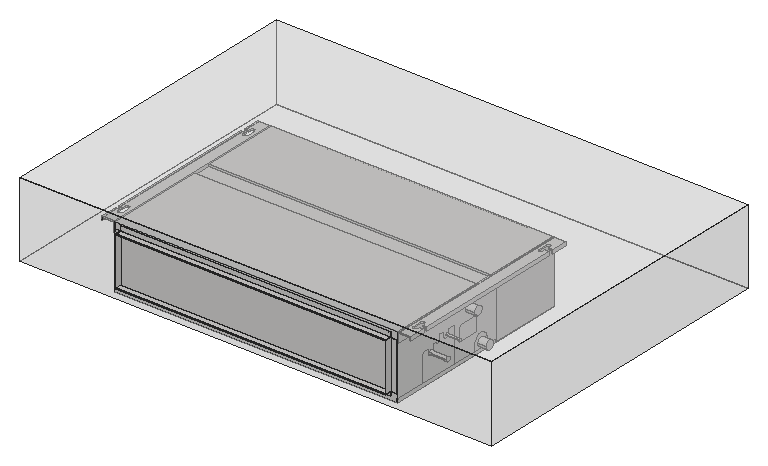
Revit family "outputfile", category 機械設備, Revit 2024
Family settings
  丸型コネクタ寸法 = 半径を使用
  パーツ タイプ = 標準
  OmniClass 番号 = 23.75.10.24.21.27.27
  OmniClass タイトル = Split System Air Conditioning Units
  作業面ベース = いいえ
  常に垂直 = はい
  ロード時にボイドで切り取り = いいえ
  注釈の向きを維持 = いいえ
  共有 = いいえ
  部屋計算ポイント = はい
Parameters (values of type "FXDQ40NDVM")
  書き出し IFC クラス(タイプ) = "IfcUnitaryEquipmentType"
  定義済み IFC タイプ(タイプ) = "AIRCONDITIONINGUNIT"
  ld_powersupply = Depth / 2  # 310.0 mm
  製造元 = "Daikin"
  モデル = "FXDQ40NDVM"
  r_Liquid Pipe Size = Liquid Pipe Size / 2  # 3.2 mm
  r_Gas Pipe Size = Gas Pipe Size / 2  # 6.35 mm
  r_Drain Pipe Size = Drain Pipe Size / 2  # 13.0 mm
  lw_powersupply = 50.0 mm  # constant formula
  lw_ductflange2 = 820.0 mm
  lw_Width = 860.0 mm
  lh_suctionflange [instance] = 100.0 mm  # constant formula
  ld_suctionflange [instance] = if(Rear Connection_Return Air, 190.0 mm, 100.0 mm)  # 190.0 mm
  angle_vertical_RA [instance] = if(Rear Connection_Return Air, 90.00°, 0.00°)  # 90.00°
  angle horizontal_RA [instance] = if(Rear Connection_Return Air, 180.00°, 270.00°)  # 180.00°
  Voltage_comment_60Hz = "220-240"
  Voltage_comment_50Hz = "220-240"
  Voltage_60Hz = 220 V
  Voltage_50Hz = 220 V
  Supply Air Direction [instance] = yes
  Rear Connection_Return Air [instance] = not(Bottom Connection_Return Air)  # yes
  RA_length [instance] = if(Rear Connection_Return Air, 190.0 mm, 100.0 mm)  # 190.0 mm
  Phase_60Hz = 1
  Phase_50Hz = 1
  Minimum External Static Pressure = 15.00 Pa
  Minimum Circuit Amps_60Hz = 1.0 A
  Minimum Circuit Amps_50Hz = 1.0 A
  Maximum Fuse Amps_60Hz = 16.0 A
  Maximum Fuse Amps_50Hz = 16.0 A
  Maximum External Static Pressure = 44.00 Pa
  Material_Casing = DAIKIN_GalvanizedSteel_Casing_indoorunit
  lw_liquidpipe = 46.0 mm  # constant formula
  lw_gaspipe = 57.0 mm  # constant formula
  lw_mountinghole = 940.0 mm
  lw_drainpipe = 33.0 mm  # constant formula
  lh_powersupply = 150.0 mm  # constant formula
  lh_liquidpipe = 90.0 mm  # constant formula
  lh_gaspipe = 113.0 mm  # constant formula
  lh_mountinghole = Height  # 200.0 mm
  lh_drainpipe = 50.0 mm  # constant formula
  lh_antena = 1.0 mm  # constant formula
  ld_liquidpipe = 193.0 mm  # constant formula
  ld_gaspipe = 130.0 mm  # constant formula
  ld_mountinghole = 500.0 mm  # constant formula
  ld_drainpipe = 280.0 mm  # constant formula
  ld_controlbox = 626.0 mm  # constant formula
  h*** = 0.0 mm  # constant formula
  d_dischargeflange = 21.2 mm  # constant formula
  Width = 900.0 mm
  Version = "ver.1.0"
  Unit Type = "Duct_Slim"
  Unit Mass Weight = 27.00 kg
  Unit Designation [instance] = ""
  Uniclass2015Version = "Products v1.30"
  Uniclass2015Title = "Variable refrigerant flow units"
  Uniclass2015Code = "Pr_70_65_03_94"
  Total Heating Capacity [instance] = 0.000 kW
  Total Cooling Capacity [instance] = 0.000 kW
  Sound Pressure Level_L speed (dBA) = 30
  Sound Pressure Level_H speed (dBA) = 32
  Series = "VRV Fan Coil Unit"
  Sensible Cooling Capacity [instance] = 0.000 kW
  SA Duct Size Width = 860.0 mm
  SA Duct Size Height = 153.0 mm
  Refrigerant Type = "R410A"
  RA Duct Size Width = 780.0 mm
  RA Duct Size Height = 160.0 mm
  Power Input (Heating) = 0.147 kW
  Power Input (Cooling) = 0.160 kW
  Option Accessory 3 [instance] = ""
  Option Accessory 2 [instance] = ""
  Option Accessory 1 [instance] = ""
  Nominal Heating Capacity = 5.000 kW
  Nominal Cooling Capacity = 4.500 kW
  Minimum Airflow = 510.00 m³/h
  Median Airflow = 0.00 m³/h
  Maximum Airflow = 570.00 m³/h
  Load Classification = HVAC
  Liquid Pipe Size = 6.4 mm
  Link_Nested Family [instance] = ""
  IfcVersion = ""
  IfcExportType = "AIRCONDITIONINGUNIT"
  IfcExportAs = "IfcUnitaryEquipmentType"
  Height = 200.0 mm
  Heating Entering Wet Bulb Temperature [instance] = 0.00 °C
  Heating Entering Dry Bulb Temperature [instance] = 0.00 °C
  Heating Ambient Wet Bulb Temperature [instance] = 0.00 °C
  Heating Ambient Dry Bulb Temperature [instance] = 0.00 °C
  Heat Exchanger Type = "Cross Fin Coil"
  Gas Pipe Size = 12.7 mm
  Frequency_60Hz = 60 Hz
  Frequency_50Hz = 50 Hz
  Fan Type = "Sirocco Fan"
  Fan Drive = "Direct Drive"
  FCU Tag No. [instance] = ""
  Drain Pipe Size = 26.0 mm
  Design Supply Airflow [instance] = 0.00 m³/h
  Design Return Airflow [instance] = 0.00 m³/h
  Design External Static Pressure [instance] = 0.00 Pa
  Depth = 620.0 mm
  既定の高さ = 0.0 mm
  Cooling Entering Wet Bulb Temperature [instance] = 0.00 °C
  Cooling Entering Dry Bulb Temperature [instance] = 0.00 °C
  Cooling Ambient Wet Bulb Temperature [instance] = 0.00 °C
  Cooling Ambient Dry Bulb Temperature [instance] = 0.00 °C
  Clearance visibility [instance] = yes
  Clearance Top = 20.0 mm
  Clearance Right = 300.0 mm
  Clearance Rear = 400.0 mm
  Clearance Left = 300.0 mm
  Clearance Front = 0.0 mm
  Clearance Bottom = 20.0 mm
  Bottom Connection_Return Air [instance] = no
  1111 = 64.0 mm
Reference planes
  plane 1 "Center (Front/Back)": y = 0
  plane 2: z = 0
  plane 3 "Center (Left/Right)": x = 0
  plane 4 "Back": y = 310
  plane 5 "Front": y = -310
  plane 6 "Left": x = -450
  plane 7 "Right": x = 450
  plane 8 "Top": z = 0
  plane 9 "Bottom": z = -200
  plane 10: x = -470
  plane 11: x = 470
  plane 12: y = 250
  plane 13: z = 0
  plane 14 "Clearance Left": x = -750
  plane 15 "Clearance Right": x = 750
  plane 16 "Clearance Rear": y = 710
  plane 17 "Clearance Front": y = -310
  plane 18 "Clearance Top": z = 20
  plane 19 "Clearance Bottom": z = -220
  plane 20: y = -250
  plane 21: z = -21
  plane 22: z = -97.5
  plane 23: x = -40
  plane 24: y = 120
  plane 25: z = -100
  plane 26: y = -180
  plane 27: z = -113
  plane 28: y = -117
  plane 29: z = -90
  plane 30: y = 20
  plane 31: z = -170
  plane 32: x = 507
  plane 33: x = 496
  plane 34: x = 480
  plane 35: x = 400
  plane 36: z = -150
  plane 37: y = -30
  plane 38: z = -50
  plane 39: x = 483
Forms (mm)
  Extrusion 1, solid, material "DAIKIN_GalvanizedSteel_Casing_indoorunit" <- "Material_Casing"
    sketch origin (0, 0, 0) x (1, 0, 0) y (0, 1, 0)
      loop
        line (-450, -310) -> (450, -310) -> (450, 310) -> (-450, 310) -> (-450, -310)
    from -200 to 0
  Extrusion 2, void
    sketch origin (0, 0, 1) x (1, 0, 0) y (0, 1, 0)
      loop
        line (-450, 61.5) -> (-450, 3.5) -> (450, 3.5) -> (450, 61.5) -> (-450, 61.5)
    from -1 to -7
  Extrusion 3, solid, material "DAIKIN_GalvanizedSteel_Casing_indoorunit" <- "Material_Casing", visible <- "Bottom Connection_Return Air"
    sketch origin (0, 0, 0) x (1, 0, 0) y (0, 0, 1)
      loop
        line (-430, -180) -> (350, -180) -> (350, -20) -> (-430, -20) -> (-430, -180)
    from -310 to -309
  Extrusion 4, solid, material "DAIKIN_GalvanizedSteel_Casing_indoorunit" <- "Material_Casing", visible <- "Rear Connection_Return Air"
    sketch origin (0, 0, 0) x (1, 0, 0) y (0, 1, 0)
      loop
        line (-430, 290) -> (-430, 130) -> (350, 130) -> (350, 290) -> (-430, 290)
    from -200 to -199
  Extrusion 5, solid, material "DAIKIN_GalvanizedSteel_Casing_indoorunit" <- "Material_Casing"
    sketch origin (450, 0, 0) x (0, 1, 0) y (0, 0, 1)
      loop
        circle (-180, -113) r 6.35
    from 0 to 57
  Extrusion 6, solid, material "DAIKIN_GalvanizedSteel_Casing_indoorunit" <- "Material_Casing"
    sketch origin (450, 0, 0) x (0, 1, 0) y (0, 0, 1)
      loop
        circle (-117, -90) r 3.2
    from 0 to 46
  Extrusion 7, solid, material "DAIKIN_GalvanizedSteel_Casing_indoorunit" <- "Material_Casing"
    sketch origin (450, 0, 0) x (0, 1, 0) y (0, 0, 1)
      loop
        circle (20, -170) r 13
    from 0 to 30
  Extrusion 8, solid, material "DAIKIN_GalvanizedSteel_Casing_indoorunit" <- "Material_Casing"
    sketch origin (450, 0, 0) x (0, 1, 0) y (0, 0, 1)
      loop
        line (-310, -200) -> (78.6, -200) -> (78.6, -193)
        arc (78.6, -193) -> (77.721, -190.879) -> (75.6, -190) r 3
        line (75.6, -190) -> (-310, -190) -> (-310, -200)
    from 0 to -1
  Extrusion 9, solid, material "DAIKIN_GalvanizedSteel_Casing_indoorunit" <- "Material_Casing"
    sketch origin (450, 0, 0) x (0, 1, 0) y (0, 0, 1)
      loop
        line (-211.008, -190) -> (-86.594, -190) -> (-86.594, -80) -> (-105, -80) -> (-105, -90)
        arc (-105, -90) -> (-117, -102) -> (-129, -90) r 12
        line (-129, -90) -> (-129, -80) -> (-140.087, -80) -> (-140.087, -103.199) -> (-158.085, -103.199) -> (-158.085, -95.501) -> (-166.014, -95.501) -> (-166.014, -112.698) -> (-168.672, -112.698)
        arc (-168.672, -112.698) -> (-179.849, -124.331) -> (-191.332, -113) r 11.332
        line (-191.332, -113) -> (-191.332, -103.001) -> (-211.008, -103.001) -> (-211.008, -190)
    from 0 to -1
  Extrusion 10, solid, material "DAIKIN_GalvanizedSteel_Casing_indoorunit" <- "Material_Casing"
    sketch origin (450, 0, 0) x (0, 1, 0) y (0, 0, 1)
      loop
        arc (44.5, -170) -> (20, -145.5) -> (-4.5, -170) r 24.5
        line (-4.5, -170) -> (-4.5, -190) -> (44.5, -190) -> (44.5, -170)
    from 0 to -1
  Extrusion 11, solid, material "DAIKIN_GalvanizedSteel_Casing_indoorunit" <- "Material_Casing"
    sketch origin (450, 0, 0) x (0, 1, 0) y (0, 0, 1)
      loop
        arc (86.6, -22) -> (84.479, -22.879) -> (83.6, -25) r 3
        line (83.6, -25) -> (83.6, -194.5)
        arc (83.6, -194.5) -> (84.479, -196.621) -> (86.6, -197.5) r 3
        line (86.6, -197.5) -> (307, -197.5)
        arc (307, -197.5) -> (309.121, -196.621) -> (310, -194.5) r 3
        line (310, -194.5) -> (310, -25)
        arc (310, -25) -> (309.121, -22.879) -> (307, -22) r 3
        line (307, -22) -> (86.6, -22)
    from 0 to -1
  Extrusion 12, solid, material "DAIKIN_GalvanizedSteel_Casing_indoorunit" <- "Material_Casing"
    sketch origin (450, 475, 0) x (0, 1, 0) y (0, 0, 1)
      loop
        circle (-505, -50) r 13
    from 0 to 33
  Extrusion 13, solid, material "DAIKIN_GalvanizedSteel_Casing_indoorunit" <- "Material_Casing"
    sketch origin (450, 0, 75) x (0, 1, 0) y (0, 0, 1)
      loop
        line (-62, -165) -> (-62, -211) -> (2, -211) -> (2, -165) -> (-62, -165)
    from 0 to -1
Cuts and joins
  Extrusion 2 cuts Extrusion 1
Dimensions and locks
  "Height": plane 8 "Top" to plane 9 "Bottom"
  equal spacing: plane 10, plane 3 "Center (Left/Right)", plane 11
  "lw_mountinghole": plane 10 to plane 11
  equal spacing: plane 6 "Left", plane 3 "Center (Left/Right)", plane 7 "Right"
  "Width": plane 6 "Left" to plane 7 "Right"
  "Clearance Right": plane 7 "Right" to plane 15 "Clearance Right"
  "Clearance Left": plane 14 "Clearance Left" to plane 6 "Left"
  "Clearance Rear": plane 16 "Clearance Rear" to plane 4 "Back"
  "Clearance Front": plane 5 "Front" to plane 17 "Clearance Front"
  "Clearance Top": plane 18 "Clearance Top" to plane 8 "Top"
  "Clearance Bottom": plane 9 "Bottom" to plane 19 "Clearance Bottom"
  "Depth": plane 4 "Back" to plane 5 "Front"
  equal spacing: plane 4 "Back", plane 1 "Center (Front/Back)", plane 5 "Front"
  locked: plane 20 to plane 5 "Front" at 60
  "ld_mountinghole": plane 12 to plane 20
  locked: plane 8 "Top" to plane 21 at 21
  locked: plane 23 to plane 3 "Center (Left/Right)" at 40
  "ld_suctionflange": plane 4 "Back" to plane 24
  "lh_suctionflange": plane 8 "Top" to plane 25
  "ld_gaspipe": plane 26 to plane 5 "Front"
  "lh_gaspipe": plane 8 "Top" to plane 27
  "ld_liquidpipe": plane 28 to plane 5 "Front"
  "lh_liquidpipe": plane 8 "Top" to plane 29
  locked: plane 30 to plane 5 "Front" at 330
  locked: plane 8 "Top" to plane 31 at 170
  "lw_gaspipe": plane 7 "Right" to plane 32
  "lw_liquidpipe": plane 7 "Right" to plane 33
  locked: plane 7 "Right" to plane 34 at 30
  "lw_powersupply": plane 35 to plane 7 "Right"
  "lh_powersupply": plane 8 "Top" to plane 36
  "ld_drainpipe": plane 37 to plane 5 "Front"
  "lh_drainpipe": plane 8 "Top" to plane 38
  "lw_drainpipe": plane 7 "Right" to plane 39
  equal spacing: Extrusion 13 sketch curve, plane 37, Extrusion 13 sketch curve
  locked: Extrusion 13 sketch curve to Extrusion 13 sketch curve at 64
  locked: Extrusion 13 sketch curve to Extrusion 13 sketch curve at 46
  locked: Extrusion 13 sketch curve to plane 9 "Bottom" at 64
  "r_Gas Pipe Size": radius of Extrusion 5 sketch curve
  "r_Liquid Pipe Size": radius of Extrusion 6 sketch curve
  radius of Extrusion 7 sketch curve = 13.0 mm
  "r_Drain Pipe Size": radius of Extrusion 12 sketch curve
  aligned and locked: level to plane 2
  aligned and locked: Extrusion 1 to plane 9 "Bottom"
  aligned and locked: plane 8 "Top" to Extrusion 1
  aligned and locked: plane 11 to nested 2
  aligned and locked: plane 10 to nested 3
  aligned and locked: plane 10 to nested 4
  aligned and locked: plane 8 "Top" to Extrusion 2
  aligned and locked: plane 9 "Bottom" to Extrusion 4  (x2)
  aligned and locked: plane 7 "Right" to cut or joined group of Extrusion 1, Extrusion 2  (x2)
  aligned and locked: plane 3 "Center (Left/Right)" to nested 9
  aligned and locked: plane 6 "Left" to nested 7
  aligned and locked: plane 8 "Top" to nested 9
  aligned and locked: plane 11 to nested 1
  aligned and locked: nested 6 to plane 1 "Center (Front/Back)"
  aligned and locked: plane 3 "Center (Left/Right)" to nested 6
  aligned and locked: level to plane 8 "Top"
  aligned and locked: plane 1 "Center (Front/Back)" to nested 9
  aligned and locked: plane 5 "Front" to nested 10
  aligned and locked: Extrusion 1 sketch curve to plane 5 "Front"
  aligned and locked: plane 21 to nested 10
  aligned and locked: nested 5 to plane 5 "Front"
  aligned and locked: plane 3 "Center (Left/Right)" to nested 5
  aligned and locked: plane 22 to nested 5
  aligned and locked: Extrusion 2 sketch curve to plane 6 "Left"
  aligned and locked: plane 7 "Right" to Extrusion 2 sketch curve
  aligned and locked: nested 11 to plane 23
  aligned and locked: nested 11 to plane 24
  aligned and locked: plane 27 to Extrusion 5 sketch curve
  aligned and locked: plane 26 to Extrusion 5 sketch curve
  aligned and locked: plane 28 to Extrusion 6 sketch curve
  aligned and locked: plane 29 to Extrusion 6 sketch curve
  aligned and locked: plane 31 to Extrusion 7 sketch curve
  aligned and locked: plane 30 to Extrusion 7 sketch curve
  aligned and locked: plane 26 to nested 12
  aligned and locked: nested 12 to plane 27
  aligned and locked: plane 32 to Extrusion 5
  aligned and locked: plane 32 to nested 12
  aligned and locked: plane 33 to Extrusion 6
  aligned and locked: plane 28 to nested 13
  aligned and locked: nested 13 to plane 29
  aligned and locked: plane 33 to nested 13
  aligned and locked: plane 34 to Extrusion 7
  aligned and locked: plane 30 to nested 14
  aligned and locked: nested 14 to plane 31
  aligned and locked: plane 34 to nested 14
  aligned and locked: Extrusion 8 sketch curve to plane 9 "Bottom"
  aligned and locked: Extrusion 8 sketch curve to plane 5 "Front"
  aligned and locked: plane 14 "Clearance Left" to nested 15
  aligned and locked: plane 15 "Clearance Right" to nested 15
  aligned and locked: plane 16 "Clearance Rear" to nested 15
  aligned and locked: nested 15 to plane 17 "Clearance Front"
  aligned and locked: nested 15 to plane 18 "Clearance Top"
  aligned and locked: nested 15 to plane 19 "Clearance Bottom"
  aligned and locked: nested 16 to plane 35
  aligned and locked: nested 16 to plane 36
  aligned and locked: plane 4 "Back" to nested 16
  aligned and locked: plane 37 to Extrusion 12 sketch curve
  aligned and locked: plane 38 to Extrusion 12 sketch curve
  aligned and locked: plane 39 to Extrusion 12
  aligned and locked: Extrusion 4 sketch curve to nested 8  (x4)
  aligned and locked: Extrusion 3 sketch curve to nested 7  (x4)
Automatic sketch dimensions
  Extrusion 1 sketch curve to plane 4 "Back" = 0.0 mm
  Extrusion 1 sketch curve to plane 6 "Left" = 0.0 mm
  Extrusion 1 sketch curve to plane 7 "Right" = 0.0 mm
  Extrusion 2 sketch curve to plane 1 "Center (Front/Back)" = 3.5 mm
  plane 30 to Extrusion 2 sketch curve = 41.5 mm
  plane 9 "Bottom" to Extrusion 8 sketch curve = 7.0 mm
  Extrusion 8 sketch curve to plane 24 = 44.4 mm
  Extrusion 8 sketch curve to Extrusion 8 sketch curve = 3.0 mm
  Extrusion 9 sketch curve to plane 27 = 0.0 mm
  Extrusion 9 sketch curve to plane 26 = 0.0 mm
  Extrusion 9 sketch curve to plane 29 = 0.0 mm
  Extrusion 9 sketch curve to plane 28 = 0.0 mm
  Extrusion 9 sketch curve to Extrusion 9 sketch curve = 11.332 mm
  plane 9 "Bottom" to Extrusion 9 sketch curve = 10.0 mm
  Extrusion 9 sketch curve to plane 26 = 31.008 mm
  plane 27 to Extrusion 9 sketch curve = 0.302 mm
  Extrusion 9 sketch curve to Extrusion 9 sketch curve = 2.658 mm
  plane 22 to Extrusion 9 sketch curve = 1.999 mm
  Extrusion 9 sketch curve to Extrusion 9 sketch curve = 7.929 mm
  Extrusion 9 sketch curve to plane 25 = 3.199 mm
  Extrusion 9 sketch curve to Extrusion 9 sketch curve = 17.998 mm
  Extrusion 9 sketch curve to Extrusion 9 sketch curve = 11.087 mm
  plane 28 to Extrusion 9 sketch curve = 30.406 mm
  Extrusion 9 sketch curve to plane 25 = 3.001 mm
  plane 29 to Extrusion 9 sketch curve = 10.0 mm  (x2)
  Extrusion 10 sketch curve to plane 31 = 0.0 mm
  Extrusion 10 sketch curve to plane 30 = 0.0 mm
  plane 1 "Center (Front/Back)" to Extrusion 10 sketch curve = 4.5 mm
  plane 9 "Bottom" to Extrusion 10 sketch curve = 10.0 mm
  Extrusion 11 sketch curve to plane 4 "Back" = 0.0 mm
  Extrusion 11 sketch curve to Extrusion 11 sketch curve = 3.0 mm  (x2)
  Extrusion 11 sketch curve to plane 21 = 1.0 mm
  Extrusion 11 sketch curve to plane 4 "Back" = 3.0 mm
  Extrusion 11 sketch curve to plane 21 = 4.0 mm
  Extrusion 11 sketch curve to plane 24 = 33.4 mm
  plane 9 "Bottom" to Extrusion 11 sketch curve = 5.5 mm
Nested families
  nested 1: "daikin_mountinghole" at (470, 250, -200), l_antenna <- "lh_antena", Link_Nested Family <- "Link_Nested Family", h_mountinghole <- "lh_mountinghole", type "daikin_mountinghole"
    with show yes, l_antenna 1.0 mm, h_mountinghole 200.0 mm, Link_Nested Family ""
  nested 2: "daikin_mountinghole" at (470, -250, -200), Link_Nested Family <- "Link_Nested Family", l_antenna <- "lh_antena", h_mountinghole <- "lh_mountinghole", type "daikin_mountinghole"
    with show yes, l_antenna 1.0 mm, h_mountinghole 200.0 mm, Link_Nested Family ""
  nested 3: "daikin_mountinghole" at (-470, -250, -200), l_antenna <- "lh_antena", Link_Nested Family <- "Link_Nested Family", h_mountinghole <- "lh_mountinghole", type "daikin_mountinghole"
    with show yes, l_antenna 1.0 mm, h_mountinghole 200.0 mm, Link_Nested Family ""
  nested 4: "daikin_mountinghole" at (-470, 250, -200), l_antenna <- "lh_antena", Link_Nested Family <- "Link_Nested Family", h_mountinghole <- "lh_mountinghole", type "daikin_mountinghole"
    with show yes, l_antenna 1.0 mm, h_mountinghole 200.0 mm, Link_Nested Family ""
  nested 5: "daikin_connector_rotate2" at (0, -310, -97.5), length <- "d_dischargeflange", type "daikin_connector_rotate2"
    with radius 10.0 mm, length 21.2 mm, angle_vertical 90.00°, show_face no
  nested 6: "daikin_△_symbolicline" at (-75, -129.904, 200) x (-0.5, 0.866, 0) z (0, 0, 1), built-in parameter 1001364 <- "Height", visible <- "Supply Air Direction", type "daikin_△_symbolicline"
    with length 300.0 mm
  nested 7: "daikin_ductflange_FXDQ-NDVM_1" at (-40, 310, -100), visible <- "Rear Connection_Return Air", material <- "Material_Casing", width <- "lw_ductflange2", type "daikin_ductflange_FXDQ-NDVM_1"
    with width 820.0 mm, material DAIKIN_GalvanizedSteel_Casing_indoorunit, height 180.0 mm, depth 21.2 mm
  nested 8: "daikin_ductflange_FXDQ-NDVM_1" at (-40, 210, -200) x (1, 0, 0) z (0, 1, 0), visible <- "Bottom Connection_Return Air", material <- "Material_Casing", width <- "lw_ductflange2", type "daikin_ductflange_FXDQ-NDVM_1"
    with width 820.0 mm, material DAIKIN_GalvanizedSteel_Casing_indoorunit, height 180.0 mm, depth 21.2 mm
  nested 9: "daikin_hangerfixture_FXDQ-NDVM" at (0, 0, 0), type "daikin_hangerfixture_FXDQ-NDVM"
    with width 900.0 mm
  nested 10: "daikin_ductflange_FXDQ-NDVM" at (0, 3.5, -364.201), width <- "lw_Width", material <- "Material_Casing", type "daikin_ductflange_FXDQ-NDVM"
    with width 860.0 mm, material DAIKIN_GalvanizedSteel_Casing_indoorunit, height 155.0 mm, depth 21.2 mm
  nested 11: "daikin_connector_rotate3" at (-40, 120, -100), length <- "RA_length", angle_vertical <- "angle_vertical_RA", angle_horizontal <- "angle horizontal_RA", type "daikin_connector_rotate3"
    with show no, radius 10.0 mm, length 190.0 mm, angle_vertical 90.00°, angle_horizontal 180.00°
  nested 12: "daikin_connector_rotate2" at (450, -180, -113) x (0, 1, 0) z (0, 0, 1), length <- "lw_gaspipe", radius <- "r_Gas Pipe Size", type "daikin_connector_rotate2"
    with radius 6.35 mm, length 57.0 mm, angle_vertical 90.00°, show_face no
  nested 13: "daikin_connector_rotate2" at (450, -117, -90) x (0, 1, 0) z (0, 0, 1), radius <- "r_Liquid Pipe Size", length <- "lw_liquidpipe", type "daikin_connector_rotate2"
    with radius 3.2 mm, length 46.0 mm, angle_vertical 90.00°, show_face no
  nested 14: "daikin_connector_rotate2" at (447, 20, -170) x (0, 1, 0) z (0, 0, 1), radius <- "r_Drain Pipe Size", length <- "lw_drainpipe", type "daikin_connector_rotate2"
    with radius 13.0 mm, length 33.0 mm, angle_vertical 90.00°, show_face no
  nested 15: "daikin_clearancespace" at (0, 200, -99.881), visible <- "Clearance visibility", Link_Nested Family <- "Link_Nested Family", show <- "Clearance visibility", type "daikin_clearancespace"
    with width 1500.0 mm, show yes, height 240.0 mm, depth 1020.0 mm, Link_Nested Family ""
  nested 16: "daikin_connector_rotate2" at (400, 0, -150) x (-1, 0, 0) z (0, 0, 1), length <- "ld_powersupply", type "daikin_connector_rotate2"
    with radius 10.0 mm, length 310.0 mm, angle_vertical 90.00°, show_face no
Connectors
  hvac at (0, -331.2, -97.5), driven by "SA Duct Size Height", driven by "SA Duct Size Width"
    settings: on nested 5, index 1, duct flow 0.00 m³/h, flow factor 0, pres drop 0.00 Pa, loss coef 0, conn angle 0.00°, conn width 860.0 mm, conn height 153.0 mm, conn diameter 609.6 mm, duct sys type 1, conn prof type 1, flow config 0, flow direction 2, loss method 4, conn ref index -1, conn util no, is conn primary yes, conn desc "SA Duct"
  hvac at (-40, 310, -100), driven by "RA Duct Size Height", driven by "RA Duct Size Width"
    settings: on nested 11, index 2, duct flow 0.00 m³/h, flow factor 0, pres drop 0.00 Pa, loss coef 0, conn angle 0.00°, conn width 780.0 mm, conn height 160.0 mm, conn diameter 609.6 mm, duct sys type 2, conn prof type 1, flow config 0, flow direction 1, loss method 4, conn ref index -1, conn util no, is conn primary no, conn desc "RA Duct"
  piping at (507, -180, -113), diameter 12.7, driven by "r_Gas Pipe Size"
    settings: on nested 12, index 3, connector inside diameter 609.6 mm, connector length 0.0 mm, flow factor 0, pipe flow 0.00 m³/h, pressure drop 0.0 Pa, fitting loss kfactor 0, connector angle 0.00°, fixture units 0, engagement length 0.0 mm, angle of deflection 0.00°, flow configuration 1, flow direction 2, fitting loss method 0, system type 29, joint type 0, gender type 0, connector reference index -1, connector utility 0, adjustable connector no, is connector primary yes, connector description "Refrigerant Gas Piping"
  piping at (496, -117, -90), diameter 6.4, driven by "r_Liquid Pipe Size"
    settings: on nested 13, index 4, connector inside diameter 609.6 mm, connector length 0.0 mm, flow factor 0, pipe flow 0.00 m³/h, pressure drop 0.0 Pa, fitting loss kfactor 0, connector angle 0.00°, fixture units 0, engagement length 0.0 mm, angle of deflection 0.00°, flow configuration 1, flow direction 1, fitting loss method 0, system type 29, joint type 0, gender type 0, connector reference index -1, connector utility 0, adjustable connector no, is connector primary no, connector description "Refrigerant Liquid Piping"
  electrical at (400, 310, -150), driven by "Load Classification"
    settings: on nested 16, index 6, voltage 0 V, apparent load 0 VA, apparent load phase1 0 VA, apparent load phase2 0 VA, apparent load phase3 0 VA, power factor 1, load classification "HVAC", number of poles 1, system type 30, power factor state 1, is connector primary yes, connector utility no, sub classification motor no, connector description "Power Supply"
  piping at (483, -30, -50), diameter 26, driven by "r_Drain Pipe Size"
    settings: on Extrusion 12, index 7, connector inside diameter 609.6 mm, connector length 0.0 mm, flow factor 0, pipe flow 0.00 m³/h, pressure drop 0.0 Pa, fitting loss kfactor 0, connector angle 0.00°, fixture units 0, engagement length 0.0 mm, angle of deflection 0.00°, flow configuration 1, flow direction 2, fitting loss method 4, system type 16, joint type 0, gender type 0, connector reference index -1, connector utility 0, adjustable connector no, is connector primary no, connector description "Condensate Drain Piping"
Definition of nested family "daikin_ductflange_FXDQ-NDVM_1"
  Parameters (values of type "daikin_ductflange_CDKM-PVM_1")
    width [instance] = 620.0 mm
    material [instance] = none
    height [instance] = 180.0 mm
    depth [instance] = 21.2 mm
    Default Elevation = 0.0 mm
  Reference planes
    plane 1 "Center (Front/Back)": y = 0
    plane 2: z = 0
    plane 3 "Center (Left/Right)": x = 0
    plane 4: x = -310
    plane 5: x = 310
    plane 6: z = 90
    plane 7: z = -90
    plane 8: z = 100
    plane 9: z = -100
    plane 10: x = -309
    plane 11: x = 309
  Forms (mm)
    Extrusion 1, solid, material <- "material"
      sketch origin (0, 0, 0) x (1, 0, 0) y (0, 0, 1)
        loop
          line (-290, 80) -> (-290, -80) -> (290, -80) -> (290, 80) -> (-290, 80)
        loop
          line (-309, -99) -> (309, -99) -> (309, 99) -> (-309, 99) -> (-309, -99)
      from 0 to 1
  Dimensions and locks
    equal spacing: plane 5, plane 3 "Center (Left/Right)", plane 4, locked at 310 each
    "width": plane 5 to plane 4
    equal spacing: plane 6, level, plane 7, locked at 90 each
    "height": plane 6 to plane 7
    equal spacing: plane 8, level, plane 9, locked at 100 each
    locked: plane 8 to plane 9 at 200
    plane 10 to plane 4 = 1.0 mm
    locked: plane 5 to plane 11 at 1
    locked: Extrusion 1 sketch curve to Extrusion 1 sketch curve at 19  (x4)
    locked: plane 8 to Extrusion 1 sketch curve at 1
    locked: Extrusion 1 sketch curve to plane 9 at 1
    aligned and locked: level to plane 2
  Automatic sketch dimensions
    plane 4 to Extrusion 1 sketch curve = 1.0 mm
    Extrusion 1 sketch curve to plane 5 = 1.0 mm
Definition of nested family "daikin_hangerfixture_FXDQ-NDVM"
  Parameters (values of type "daikin_hangerfixture_CDKS-EAVMA")
    width = 700.0 mm
    material = none
    height = 30.0 mm
    depth = 618.0 mm
    Default Elevation = 0.0 mm
  Reference planes
    plane 1 "Center (Front/Back)": y = 0
    plane 2: z = 0
    plane 3 "Center (Left/Right)": x = 0
    plane 4: x = 350
    plane 5: y = 309
    plane 6: y = -309
    plane 7: x = -350
    plane 8: z = -30
  Forms (mm)
    Extrusion 1, solid, material <- "material"
      sketch origin (0, 0, 0) x (1, 0, 0) y (0, 0, 1)
        loop
          line (350, 0) -> (350, -30) -> (352.3, -30) -> (352.3, -2.3) -> (387.7, -2.3) -> (387.7, -10) -> (390, -10) -> (390, 0) -> (350, 0)
      from -309 to 309
    Extrusion 2, void
      sketch origin (0, 0, 0) x (0, 1, 0) y (0, 0, 1)
        loop
          line (309, -30) -> (309, -17.979) -> (87.935, -17.979) -> (75.914, -30) -> (309, -30)
      from 0 to 450
    Extrusion 3, void
      sketch origin (0, 0, 0) x (1, 0, 0) y (0, 1, 0)
        loop
          line (390, -243.5) -> (377, -243.5) -> (377, -237)
          arc (377, -237) -> (370, -230) -> (363, -237) r 7
          line (363, -237) -> (363, -263)
          arc (363, -263) -> (370, -270) -> (377, -263) r 7
          line (377, -263) -> (377, -256.5) -> (390, -256.5) -> (390, -243.5)
        loop
          line (390, 243.5) -> (390, 256.5) -> (377, 256.5) -> (377, 263)
          arc (377, 263) -> (370, 270) -> (363, 263) r 7
          line (363, 263) -> (363, 237)
          arc (363, 237) -> (370, 230) -> (377, 237) r 7
          line (377, 237) -> (377, 243.5) -> (390, 243.5)
      from -254.96 to 618
    Extrusion 4, solid, material <- "material"
      sketch origin (0, 0, 0) x (-1, 0, 0) y (0, 0, -1)
        loop
          line (350, 0) -> (390, 0) -> (390, 10) -> (387.7, 10) -> (387.7, 2.3) -> (352.3, 2.3) -> (352.3, 30) -> (350, 30) -> (350, 0)
      from -309 to 309
    Extrusion 5, void
      sketch origin (0, 0, 0) x (-1, 0, 0) y (0, -1, 0)
        loop
          line (390, 243.5) -> (390, 256.5) -> (377, 256.5) -> (377, 263)
          arc (377, 263) -> (370, 270) -> (363, 263) r 7
          line (363, 263) -> (363, 237)
          arc (363, 237) -> (370, 230) -> (377, 237) r 7
          line (377, 237) -> (377, 243.5) -> (390, 243.5)
        loop
          line (390, -243.5) -> (377, -243.5) -> (377, -237)
          arc (377, -237) -> (370, -230) -> (363, -237) r 7
          line (363, -237) -> (363, -263)
          arc (363, -263) -> (370, -270) -> (377, -263) r 7
          line (377, -263) -> (377, -256.5) -> (390, -256.5) -> (390, -243.5)
      from -254.96 to 618
  Cuts and joins
    Extrusion 2, Extrusion 3, Extrusion 5 cuts Extrusion 1
    Extrusion 5 cuts Extrusion 4
  Dimensions and locks
    equal spacing: plane 5, plane 1 "Center (Front/Back)", plane 6
    "depth": plane 5 to plane 6
    plane 6 to plane 1 "Center (Front/Back)" to plane 5 = 309.0 mm, 309.0 mm
    equal spacing: plane 4, plane 3 "Center (Left/Right)", plane 7
    "width": plane 4 to plane 7
    "height": level to plane 8
    aligned and locked: level to plane 2
    aligned and locked: plane 5 to Extrusion 1
    aligned and locked: Extrusion 1 to plane 6
    aligned and locked: Extrusion 1 to plane 4
    aligned and locked: plane 5 to cut or joined group of Extrusion 1, Extrusion 2, Extrusion 3, Extrusion 5
    aligned and locked: cut or joined group of Extrusion 1, Extrusion 2, Extrusion 3, Extrusion 5 to plane 6
    aligned and locked: level to cut or joined group of Extrusion 1, Extrusion 2, Extrusion 3, Extrusion 5
    aligned and locked: cut or joined group of Extrusion 1, Extrusion 2, Extrusion 3, Extrusion 5 to plane 8
    aligned and locked: plane 5 to cut or joined group of Extrusion 4, Extrusion 5
    aligned and locked: cut or joined group of Extrusion 4, Extrusion 5 to plane 6
  Automatic sketch dimensions
    Extrusion 1 sketch curve to plane 4 = 0.0 mm
    Extrusion 1 sketch curve to plane 8 = 0.0 mm
    Extrusion 1 sketch curve to level = 0.0 mm
    plane 4 to Extrusion 1 sketch curve = 2.3 mm
    Extrusion 1 sketch curve to level = 2.3 mm
    Extrusion 1 sketch curve to Extrusion 1 sketch curve = 35.4 mm
    Extrusion 1 sketch curve to Extrusion 1 sketch curve = 2.3 mm
    Extrusion 1 sketch curve to Extrusion 1 sketch curve = 7.7 mm
    Extrusion 2 sketch curve to plane 8 = 0.0 mm
    Extrusion 2 sketch curve to plane 5 = 0.0 mm
    plane 8 to Extrusion 2 sketch curve = 12.021 mm
    Extrusion 2 sketch curve to plane 1 "Center (Front/Back)" = 87.935 mm
    Extrusion 2 sketch curve to Extrusion 2 sketch curve = 12.021 mm
    plane 4 to Extrusion 3 sketch curve = 13.0 mm  (x2)
    Extrusion 3 sketch curve to Extrusion 3 sketch curve = 7.0 mm  (x4)
    Extrusion 3 sketch curve to Extrusion 3 sketch curve = 13.0 mm  (x4)
    plane 6 to Extrusion 3 sketch curve = 46.0 mm
    Extrusion 3 sketch curve to Extrusion 3 sketch curve = 6.5 mm  (x4)
    Extrusion 3 sketch curve to plane 5 = 72.0 mm
    Extrusion 4 sketch curve to plane 7 = 0.0 mm
    Extrusion 4 sketch curve to plane 8 = 0.0 mm
    Extrusion 4 sketch curve to level = 0.0 mm
    Extrusion 4 sketch curve to plane 7 = 2.3 mm
    Extrusion 4 sketch curve to level = 2.3 mm
    Extrusion 4 sketch curve to Extrusion 4 sketch curve = 35.4 mm
    Extrusion 4 sketch curve to Extrusion 4 sketch curve = 2.3 mm
    Extrusion 4 sketch curve to Extrusion 4 sketch curve = 7.7 mm
    Extrusion 5 sketch curve to plane 7 = 13.0 mm  (x2)
    Extrusion 5 sketch curve to Extrusion 5 sketch curve = 7.0 mm  (x4)
    Extrusion 5 sketch curve to Extrusion 5 sketch curve = 13.0 mm  (x4)
    Extrusion 5 sketch curve to plane 5 = 46.0 mm
    Extrusion 5 sketch curve to Extrusion 5 sketch curve = 6.5 mm  (x4)
    plane 6 to Extrusion 5 sketch curve = 72.0 mm
Definition of nested family "daikin_ductflange_FXDQ-NDVM"
  Parameters (values of type "daikin_ductflange_CDKM-PVM")
    width [instance] = 660.0 mm
    material [instance] = none
    height [instance] = 155.0 mm
    depth [instance] = 21.2 mm
    Default Elevation = 0.0 mm
  Reference planes
    plane 1 "Center (Front/Back)": y = 0
    plane 2: z = 189.201
    plane 3 "Center (Left/Right)": x = 0
    plane 4: y = -313.5
    plane 5: x = -330
    plane 6: x = 330
    plane 7: y = -334.7
    plane 8: z = 344.201
    plane 9: z = 266.701
    plane 10: z = 343.201
    plane 11: z = 190.201
  Forms (mm)
    Extrusion 1, solid, material <- "material"
      sketch origin (0, 0, 189.201) x (1, 0, 0) y (0, 1, 0)
        loop
          line (-330, -334.7) -> (-330, -313.5) -> (-349, -313.5) -> (-349, -314.5) -> (-331, -314.5) -> (-331, -334.7) -> (-330, -334.7)
        loop
          line (330, -334.7) -> (331, -334.7) -> (331, -314.5) -> (349, -314.5) -> (349, -313.5) -> (330, -313.5) -> (330, -334.7)
      from 1 to 154
    Extrusion 2, solid, material <- "material"
      sketch origin (0, 0, 0) x (0, 1, 0) y (0, 0, 1)
        loop
          line (-313.5, 343.201) -> (-313.5, 358.201) -> (-314.5, 358.201) -> (-314.5, 344.201) -> (-334.7, 344.201) -> (-334.7, 343.201) -> (-313.5, 343.201)
        loop
          line (-313.5, 190.201) -> (-334.7, 190.201) -> (-334.7, 189.201) -> (-314.5, 189.201) -> (-314.5, 175.201) -> (-313.5, 175.201) -> (-313.5, 190.201)
      from -330 to 330
  Dimensions and locks
    plane 4 to plane 1 "Center (Front/Back)" = 313.5 mm
    "depth": plane 7 to plane 4
    equal spacing: plane 8, plane 9, level
    "height": plane 8 to level
    equal spacing: plane 6, plane 3 "Center (Left/Right)", plane 5
    "width": plane 6 to plane 5
    locked: plane 8 to plane 10 at 1
    locked: plane 11 to level at 1
    locked: Extrusion 1 to Extrusion 2 sketch curve at 1
    locked: Extrusion 2 sketch curve to Extrusion 1 at 1
    plane 10 to plane 11 = 153.0 mm
    aligned and locked: level to plane 2
    aligned and locked: Extrusion 2 to plane 5
    aligned and locked: Extrusion 2 to plane 11
    aligned and locked: Extrusion 2 to plane 10
    aligned and locked: plane 6 to Extrusion 2
    aligned and locked: plane 5 to Extrusion 2  (x2)
    aligned and locked: plane 5 to Extrusion 1  (x2)
    aligned and locked: Extrusion 1 to plane 6
    aligned and locked: plane 6 to Extrusion 1
    aligned and locked: Extrusion 1 to plane 10
  Automatic sketch dimensions
    Extrusion 2 sketch curve to plane 7 = 0.0 mm  (x2)
    Extrusion 2 sketch curve to plane 4 = 0.0 mm  (x2)
    Extrusion 2 sketch curve to plane 11 = 0.0 mm
    Extrusion 2 sketch curve to plane 10 = 0.0 mm
    Extrusion 2 sketch curve to plane 4 = 1.0 mm  (x2)
    Extrusion 2 sketch curve to level = 14.0 mm
    plane 8 to Extrusion 2 sketch curve = 14.0 mm
    Extrusion 1 sketch curve to plane 4 = 0.0 mm  (x2)
    Extrusion 1 sketch curve to plane 7 = 0.0 mm  (x2)
    Extrusion 1 sketch curve to plane 5 = 0.0 mm
    Extrusion 1 sketch curve to plane 6 = 0.0 mm
    Extrusion 1 sketch curve to plane 5 = 1.0 mm
    Extrusion 1 sketch curve to Extrusion 1 sketch curve = 18.0 mm  (x2)
    Extrusion 1 sketch curve to Extrusion 1 sketch curve = 1.0 mm
    Extrusion 1 sketch curve to plane 4 = 1.0 mm  (x2)
Definition of nested family "daikin_clearancespace"
  Parameters (values of type "daikin_clearancespace")
    Description = "daikin_clearancespace"
    width [instance] = 1823.963 mm
    show [instance] = yes
    material = none
    height [instance] = 1359.762 mm
    depth [instance] = 880.0 mm
    Default Elevation = 0.0 mm
    Link_Nested Family [instance] = ""
  Reference planes
    plane 1 "Center (Front/Back)": y = 0
    plane 2 "Center (Elevation)": z = -0.119
    plane 3 "Center (Left/Right)": x = 0
    plane 4: y = 440
    plane 5: y = -440
    plane 6 "Right": x = 911.982
    plane 7 "Left": x = -911.982
    plane 8 "Top": z = 679.762
    plane 9 "Bottom": z = -680
  Forms (mm)
    Extrusion 1, solid, material <- "material", visible <- "show"
      sketch origin (0, 0, 0) x (1, 0, 0) y (0, 1, 0)
        loop
          line (-911.982, 440) -> (-911.982, -440) -> (911.982, -440) -> (911.982, 440) -> (-911.982, 440)
      from -680 to 679.762
  Lines and regions (mm)
    symbolic lines, visible <- "show"
      curve 1: line (911.982, 440, 0) -> (-911.982, 440, 0)
      curve 2: line (-911.982, 440, 0) -> (-911.982, -440, 0)
      curve 3: line (-911.982, -440, 0) -> (911.982, -440, 0)
      curve 4: line (911.982, -440, 0) -> (911.982, 440, 0)
      curve 5: line (911.982, 0, 679.762) -> (-911.982, 0, 679.762)
      curve 6: line (911.982, 0, -680) -> (911.982, 0, 679.762)
      curve 7: line (-911.982, 0, -680) -> (911.982, 0, -680)
      curve 8: line (-911.982, 0, 679.762) -> (-911.982, 0, -680)
      curve 9: line (0, 440, 679.762) -> (0, -440, 679.762)
      curve 10: line (0, -440, 679.762) -> (0, -440, -680)
      curve 11: line (0, 440, -680) -> (0, 440, 679.762)
      curve 12: line (0, -440, -680) -> (0, 440, -680)
  Dimensions and locks
    "width": plane 7 "Left" to plane 6 "Right"
    "depth": plane 4 to plane 5
    "height": plane 8 "Top" to plane 9 "Bottom"
    equal spacing: plane 7 "Left", plane 3 "Center (Left/Right)", plane 6 "Right"
    equal spacing: plane 4, plane 1 "Center (Front/Back)", plane 5
    equal spacing: plane 8 "Top", plane 2 "Center (Elevation)", plane 9 "Bottom"
    aligned and locked: level to plane 2 "Center (Elevation)"
    aligned and locked: Extrusion 1 sketch curve to plane 4
    aligned and locked: plane 7 "Left" to Extrusion 1 sketch curve
    aligned and locked: Extrusion 1 sketch curve to plane 5
    aligned and locked: Extrusion 1 sketch curve to plane 6 "Right"
    aligned and locked: plane 8 "Top" to Extrusion 1
    aligned and locked: curve 1 to Extrusion 1
    aligned and locked: curve 2 to Extrusion 1
    aligned and locked: curve 3 to Extrusion 1
    aligned and locked: curve 4 to Extrusion 1
    aligned and locked: curve 5 to Extrusion 1
    aligned and locked: curve 6 to Extrusion 1
    aligned and locked: curve 7 to Extrusion 1
    aligned and locked: curve 8 to Extrusion 1
    aligned and locked: curve 9 to Extrusion 1
    aligned and locked: curve 10 to Extrusion 1
    aligned and locked: curve 11 to Extrusion 1
    aligned and locked: curve 12 to Extrusion 1
    aligned and locked: Extrusion 1 to plane 9 "Bottom"
Definition of nested family "daikin_mountinghole"
  Parameters (values of type "daikin_mountinghole")
    Default Elevation = 1219.2 mm
    Type Comments = "mountinghole"
    show [instance] = yes
    material = none
    l_centerline = 100.0 mm
    l_antenna [instance] = 100.0 mm
    h_mountinghole [instance] = 0.0 mm
    d_circle = 30.0 mm
    Link_Nested Family [instance] = ""
  Reference planes
    plane 1 "Center (Front/Back)": y = 0
    plane 2: z = 0
    plane 3 "Center (Left/Right)": x = 0
    plane 4: y = 50
    plane 5: x = -50
    plane 6: x = 50
    plane 7: y = -50
    plane 8 "h_mountinghole": z = 0
    plane 9: z = 100
  Lines and regions (mm)
    model lines, detail levels fine
      curve 1: circle (0, 0, 0) r 15 normal (0, 0, 1)
      curve 2: line (-50, 0, 0) -> (50, 0, 0)
      curve 3: line (0, 50, 0) -> (0, -50, 0)
    symbolic lines, detail levels fine
      curve 4: circle (0, 0, 0) r 15 normal (0, 0, 1)
      curve 5: line (-50, 0, 0) -> (50, 0, 0)
      curve 6: line (0, 50, 0) -> (0, -50, 0)
    model lines
      curve 7: line (0, 0, 100) -> (0, 0, 0)
  Dimensions and locks
    equal spacing: plane 4, plane 1 "Center (Front/Back)", plane 7
    "l_centerline": plane 4 to plane 7
    equal spacing: plane 5, plane 3 "Center (Left/Right)", plane 6
    "l_centerline": plane 5 to plane 6
    "l_antenna": plane 9 to plane 8 "h_mountinghole"
    "h_mountinghole": plane 8 "h_mountinghole" to plane 2
    "d_circle": diameter of curve 1
    "d_circle": diameter of curve 4
    aligned and locked: level to plane 2
    aligned and locked: plane 1 "Center (Front/Back)" to curve 1
    aligned and locked: plane 3 "Center (Left/Right)" to curve 1
    aligned and locked: plane 1 "Center (Front/Back)" to curve 2
    aligned and locked: curve 3 to plane 3 "Center (Left/Right)"
    aligned and locked: plane 6 to curve 2
    aligned and locked: plane 5 to curve 2
    aligned and locked: plane 4 to curve 3
    aligned and locked: plane 7 to curve 3
    aligned and locked: plane 1 "Center (Front/Back)" to curve 4
    aligned and locked: plane 3 "Center (Left/Right)" to curve 4
    aligned and locked: plane 6 to curve 5
    aligned and locked: plane 5 to curve 5
    aligned and locked: plane 1 "Center (Front/Back)" to curve 5
    aligned and locked: plane 4 to curve 6
    aligned and locked: plane 7 to curve 6
    aligned and locked: curve 6 to plane 3 "Center (Left/Right)"
    aligned and locked: curve 7 to plane 3 "Center (Left/Right)"
    aligned and locked: plane 9 to curve 7
    aligned and locked: plane 8 "h_mountinghole" to curve 7
Definition of nested family "daikin_connector_rotate2"
  Parameters (values of type "daikin_connector_rotate2")
    show_face = yes
    radius [instance] = 10.0 mm
    length [instance] = 600.0 mm
    d_surface = 10.0 mm
    angle_vertical [instance] = 90.00°
    Default Elevation = 0.0 mm
  Reference planes
    plane 1 "Center (Front/Back)": y = 0
    plane 2: z = 0
    plane 3 "Center (Left/Right)": x = 0
  Forms (mm)
    Extrusion 1, solid, visible <- "show_face"
      sketch origin (0, -600, 0) x (1, 0, 0) y (0, 0, 1)
        loop
          circle (0, 0) r 10
      from 0 to -10
  Lines and regions (mm)
    reference lines
      curve 1: line (0, 0, 0) -> (0, -600, 0)
    symbolic lines
      curve 2: circle (0, 0, 0) r 5 normal (0, 0, 1)
    model lines, visible <- "show_face"
      curve 3: line (0, 0, 0) -> (0, -600, 0)
  Dimensions and locks
    "length": curve 1 to curve 1
    "length": curve 3 to curve 3
    "d_surface": Extrusion 1 to Extrusion 1
    "radius": radius of Extrusion 1 sketch curve
    "angle_vertical": angle curve 1 to plane 1 "Center (Front/Back)"
    "angle_vertical": angle curve 3 to plane 1 "Center (Front/Back)"
    aligned and locked: level to plane 2
    aligned and locked: plane 1 "Center (Front/Back)" to curve 1
    aligned and locked: plane 2 to curve 1
    aligned and locked: plane 1 "Center (Front/Back)" to curve 2
    aligned and locked: plane 3 "Center (Left/Right)" to curve 2
    aligned and locked: plane 1 "Center (Front/Back)" to curve 3
    aligned and locked: plane 2 to curve 3
    aligned and locked: Extrusion 1 to Extrusion 1
  Automatic sketch dimensions
    Extrusion 1 sketch curve to level = 0.0 mm
    Extrusion 1 sketch curve to plane 3 "Center (Left/Right)" = 0.0 mm
    radius of curve 2 = 5.0 mm
Definition of nested family "daikin_△_symbolicline"
  Parameters (values of type "daikin_△_symbolicline")
    length [instance] = 500.0 mm
    Default Elevation = 0.0 mm
  Reference planes
    plane 1 "Center (Front/Back)": y = 0
    plane 2: z = 0
    plane 3 "Center (Left/Right)": x = 0
  Lines and regions (mm)
    symbolic lines
      curve 1: line (0, -433.013, 0) -> (250, 0, 0)
      curve 2: line (250, 0, 0) -> (-250, 0, 0)
      curve 3: line (-250, 0, 0) -> (0, -433.013, 0)
  Dimensions and locks
    equal spacing: curve 3, plane 3 "Center (Left/Right)", curve 2
    "length": curve 3 to curve 2
    "length": curve 3 to curve 3
    "length": curve 1 to curve 1
    aligned and locked: level to plane 2
    aligned and locked: curve 2 to plane 1 "Center (Front/Back)"
    aligned and locked: plane 3 "Center (Left/Right)" to curve 3
Definition of nested family "daikin_connector_rotate3"
  Parameters (values of type "daikin_connector_rotate3")
    Default Elevation = 1219.2 mm
    show [instance] = yes
    radius [instance] = 10.0 mm
    length [instance] = 600.0 mm
    angle_horizontal [instance] = 60.00°
    angle_vertical [instance] = 90.00°
  Reference planes
    plane 1 "Center (Front/Back)": y = 0
    plane 2: z = 0
    plane 3 "Center (Left/Right)": x = 0
  Dimensions and locks
    "angle_horizontal": angle plane 3 "Center (Left/Right)" to nested 1
    aligned and locked: level to plane 2
    aligned and locked: plane 1 "Center (Front/Back)" to nested 1  (x2)
    aligned and locked: plane 3 "Center (Left/Right)" to nested 1
  Nested families
    nested 1: "daikin_connector_rotate2" at (0, 0, 0) x (0.5, 0.866, 0) z (0, 0, 1), angle_vertical <- "angle_vertical", length <- "length", radius <- "radius", type "daikin_connector_rotate2"
      with radius 10.0 mm, length 600.0 mm, angle_vertical 90.00°
  Definition of nested family "daikin_connector_rotate2"
    Parameters (values of type "daikin_connector_rotate2")
      show_face = yes
      radius [instance] = 10.0 mm
      length [instance] = 600.0 mm
      d_surface = 10.0 mm
      angle_vertical [instance] = 90.00°
      Default Elevation = 0.0 mm
    Reference planes
      plane 1 "Center (Front/Back)": y = 0
      plane 2: z = 0
      plane 3 "Center (Left/Right)": x = 0
    Forms (mm)
      Extrusion 1, solid, visible <- "show_face"
        sketch origin (0, -600, 0) x (1, 0, 0) y (0, 0, 1)
          loop
            circle (0, 0) r 10
        from 0 to -10
    Lines and regions (mm)
      reference lines
        curve 1: line (0, 0, 0) -> (0, -600, 0)
      symbolic lines
        curve 2: circle (0, 0, 0) r 5 normal (0, 0, 1)
      model lines, visible <- "show_face"
        curve 3: line (0, 0, 0) -> (0, -600, 0)
    Dimensions and locks
      "length": curve 1 to curve 1
      "length": curve 3 to curve 3
      "d_surface": Extrusion 1 to Extrusion 1
      "radius": radius of Extrusion 1 sketch curve
      "angle_vertical": angle curve 1 to plane 1 "Center (Front/Back)"
      "angle_vertical": angle curve 3 to plane 1 "Center (Front/Back)"
      aligned and locked: level to plane 2
      aligned and locked: plane 1 "Center (Front/Back)" to curve 1
      aligned and locked: plane 2 to curve 1
      aligned and locked: plane 1 "Center (Front/Back)" to curve 2
      aligned and locked: plane 3 "Center (Left/Right)" to curve 2
      aligned and locked: plane 1 "Center (Front/Back)" to curve 3
      aligned and locked: plane 2 to curve 3
      aligned and locked: Extrusion 1 to Extrusion 1
    Automatic sketch dimensions
      Extrusion 1 sketch curve to level = 0.0 mm
      Extrusion 1 sketch curve to plane 3 "Center (Left/Right)" = 0.0 mm
      radius of curve 2 = 5.0 mm
